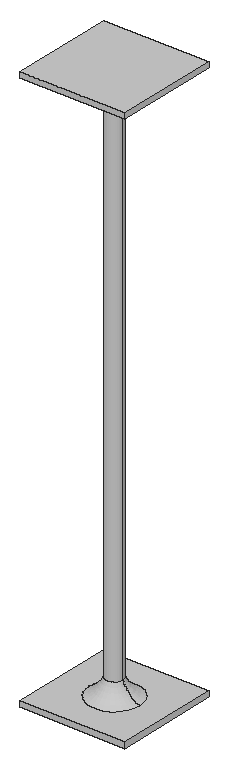
Revit family
Parameters
  플레늄전체높이 = 500 mm
Reference planes
  plane 1 "Center (Front/Back)": y = 0
  plane 2: z = 0
  plane 3 "Center (Left/Right)": x = 0
  plane 4: z = 500
Forms (mm)
  Extrusion 1, solid, material "STEEL_FLOOR"
    sketch origin (0, 0, 0) x (1, 0, 0) y (0, 1, 0)
      loop
        line (-46, 46) -> (-46, -46) -> (46, -46) -> (46, 46) -> (-46, 46)
    from 0 to 5
  Extrusion 2, solid, material "STEEL_FLOOR"
    sketch origin (0, 0, 0) x (1, 0, 0) y (0, 1, 0)
      loop
        circle (0, 0) r 7.3
    from 20.266 to 482.858
  Extrusion 3, solid, material "STEEL_FLOOR"
    sketch origin (0, 0, 411.522) x (1, 0, 0) y (0, 1, 0)
      loop
        line (-46, 46) -> (-46, -46) -> (46, -46) -> (46, 46) -> (-46, 46)
    from 83.478 to 88.478
  Revolve 4, solid, material "STEEL_FLOOR"
    sketch origin (0, 0, 0) x (1, 0, 0) y (0, 0, 1)
      loop
        line (7.3, 20.266) -> (0, 20.266) -> (0, 5) -> (22.13, 5)
        arc (22.13, 5) -> (13.087, 11.052) -> (7.3, 20.266) r 26.09
      axis (0, 20.266) -> (0, 5)
    angle from 0 to 360
  Revolve 5, solid, material "STEEL_FLOOR"
    sketch origin (0, 0, 408.598) x (1, 0, 0) y (0, 0, -1)
      loop
        line (7.338, -74.26) -> (0, -74.26) -> (0, -86.402) -> (22.13, -86.402)
        arc (22.13, -86.402) -> (13.733, -81.55) -> (7.338, -74.26) r 29.803
      axis (0, -74.26) -> (0, -86.402)
    angle from 0 to 360
Dimensions and locks
  "플레늄전체높이": plane 4 to plane 2
  locked: Revolve 5 sketch curve to Revolve 5 sketch curve at 12.142
  Extrusion 2 to Extrusion 1 = 15.266 mm
  locked: Extrusion 1 to plane 2 at 5
  locked: plane 4 to Extrusion 3 at 5
  aligned and locked: Extrusion 1 to plane 2
  aligned and locked: plane 4 to Extrusion 3
  aligned: Extrusion 2 to Extrusion 3
  aligned: Revolve 4 sketch curve to Extrusion 2
  aligned and locked: Extrusion 3 to Revolve 5 sketch curve
  aligned and locked: Revolve 5 to Extrusion 2
  aligned and locked: Extrusion 2 to Revolve 4
Automatic sketch dimensions
  Extrusion 1 sketch curve to plane 3 "Center (Left/Right)" = 46 mm
  plane 3 "Center (Left/Right)" to Extrusion 1 sketch curve = 46 mm
  plane 1 "Center (Front/Back)" to Extrusion 1 sketch curve = 46 mm
  Extrusion 1 sketch curve to plane 1 "Center (Front/Back)" = 46 mm
  plane 1 "Center (Front/Back)" to Extrusion 2 sketch curve = 0 mm
  Extrusion 2 sketch curve to plane 3 "Center (Left/Right)" = 0 mm
  Extrusion 3 sketch curve to plane 3 "Center (Left/Right)" = 46 mm
  plane 3 "Center (Left/Right)" to Extrusion 3 sketch curve = 46 mm
  plane 1 "Center (Front/Back)" to Extrusion 3 sketch curve = 46 mm
  Extrusion 3 sketch curve to plane 1 "Center (Front/Back)" = 46 mm
  Revolve 4 sketch curve to plane 3 "Center (Left/Right)" = 0 mm  (x2)
  Revolve 4 sketch curve to Revolve 4 sketch curve = 7.3 mm
  level to Revolve 4 sketch curve = 5 mm
  Revolve 4 sketch curve to Revolve 4 sketch curve = 14.83 mm
  Revolve 4 sketch curve to Revolve 4 sketch curve = 9.672 mm
  Revolve 4 sketch curve to level = 1000 mm
  plane 4 to Revolve 4 sketch curve = 583.478 mm
  Revolve 5 sketch curve to plane 3 "Center (Left/Right)" = 0 mm  (x2)
  Revolve 5 sketch curve to Revolve 5 sketch curve = 7.338 mm
  Revolve 5 sketch curve to Revolve 5 sketch curve = 14.791 mm
  Revolve 5 sketch curve to Revolve 5 sketch curve = 10.513 mm
  Revolve 5 sketch curve to plane 4 = 992.077 mm
  level to Revolve 5 sketch curve = 591.402 mm
  Revolve 4 sketch curve to Revolve 4 sketch curve = 15.266 mm
  radius of Extrusion 2 sketch curve = 7.3 mm
